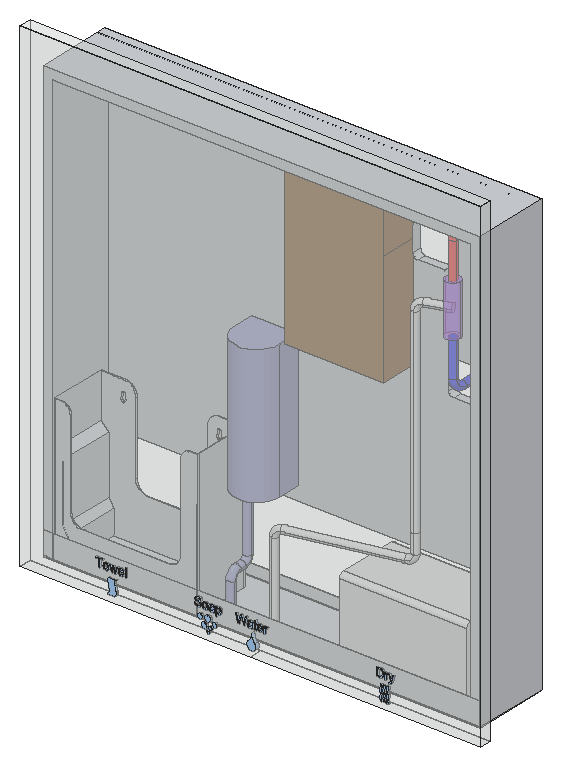
Revit family "SA-1000X950mm", category Generic Models, Revit 2014
Parameters (values of type "ALAVO Single Unit (Supaloo Unit)")
  Width = "950mm"
  URL = "www.dolphinsolutions.co.uk"
  Tel No. = "+44 (0) 1424 202 224"
  Product Page Link = "https://www.dolphinsolutions.co.uk/range/alavo/"
  Model = "SA-1000X950mm"
  Manufacturer = "Dolphin Solutions Ltd."
  Height = "1000mm"
  Fax No. = "+44 (0) 205 200"
  Email = "info@dolphinsolutions.co.uk"
  Description = "Stand alone unit"
  Depth = "189mm Closed      1077mm Open"
  Capacity Paper Towels = "500"
  Address = "Southpoint, Compass Park, Junction Road, Bodiam, TN32 5BS"
Reference planes
  plane 1 "Center (Front/Back)": y = 0
  plane 2: z = 0
  plane 3 "Center (Left/Right)": x = 0
Forms (mm)
  Extrusion 1, solid
    sketch origin (0, 0, 0) x (1, 0, 0) y (0, 0, 1)
      loop
        line (450, 1) -> (450, 907.5) -> (-450, 907.5) -> (-450, 2) -> (-431, 2) -> (-431, 888.5) -> (431, 888.5) -> (431, 1) -> (450, 1)
    from 1 to 159
  Extrusion 2, solid
    sketch origin (0, 0, 0) x (1, 0, 0) y (0, 0, 1)
      loop
        line (0, 187.5) -> (449, 187.5) -> (449, 906.5) -> (-449, 906.5) -> (-449, 187.5) -> (0, 187.5)
      loop
        line (310.5, 879.5) -> (283.5, 879.5)
        arc (283.5, 879.5) -> (276.429, 876.571) -> (273.5, 869.5) r 10
        line (273.5, 869.5) -> (273.5, 815.5)
        arc (273.5, 815.5) -> (276.429, 808.429) -> (283.5, 805.5) r 10
        line (283.5, 805.5) -> (337.5, 805.5)
        arc (337.5, 805.5) -> (344.571, 808.429) -> (347.5, 815.5) r 10
        line (347.5, 815.5) -> (347.5, 869.5)
        arc (347.5, 869.5) -> (344.571, 876.571) -> (337.5, 879.5) r 10
        line (337.5, 879.5) -> (310.5, 879.5)
      loop
        line (310.5, 563.5) -> (283.5, 563.5)
        arc (283.5, 563.5) -> (276.429, 560.571) -> (273.5, 553.5) r 10
        line (273.5, 553.5) -> (273.5, 499.5)
        arc (273.5, 499.5) -> (276.429, 492.429) -> (283.5, 489.5) r 10
        line (283.5, 489.5) -> (337.5, 489.5)
        arc (337.5, 489.5) -> (344.571, 492.429) -> (347.5, 499.5) r 10
        line (347.5, 499.5) -> (347.5, 553.5)
        arc (347.5, 553.5) -> (344.571, 560.571) -> (337.5, 563.5) r 10
        line (337.5, 563.5) -> (310.5, 563.5)
      loop
        line (236.5, 793) -> (209.5, 793)
        arc (209.5, 793) -> (202.429, 790.071) -> (199.5, 783) r 10
        line (199.5, 783) -> (199.5, 729)
        arc (199.5, 729) -> (202.429, 721.929) -> (209.5, 719) r 10
        line (209.5, 719) -> (263.5, 719)
        arc (263.5, 719) -> (270.571, 721.929) -> (273.5, 729) r 10
        line (273.5, 729) -> (273.5, 783)
        arc (273.5, 783) -> (270.571, 790.071) -> (263.5, 793) r 10
        line (263.5, 793) -> (236.5, 793)
    from 0 to 19
  Extrusion 3, solid, material "Power Unit"
    sketch origin (0, 0, 0) x (1, 0, 0) y (0, 0, 1)
      loop
        line (199.5, 756) -> (199.5, 856.5) -> (-5.5, 856.5) -> (-5.5, 521.5) -> (199.5, 521.5) -> (199.5, 756)
    from 19 to 94
  Sweep 4, solid
    path origin (324.996, 0.047, 447.747) x (1, 0, 0) y (0, 0, 1)
      loop
        line (125, -396.25) -> (-774.996, -396.25)
    profile origin (-0.002, 0.047, 51.498) x (0, 0, -1) y (0, -1, 0)
      loop
        line (2, 158) -> (49, 158)
        arc (49, 158) -> (49.707, 157.707) -> (50, 157) r 1
        line (50, 157) -> (50, 3.003)
        arc (50, 3.003) -> (49.706, 2.294) -> (48.997, 2) r 1.003
        line (48.997, 2) -> (26.5, 2) -> (26.5, 0.5) -> (49, 0.5)
        arc (49, 0.5) -> (50.768, 1.232) -> (51.5, 3) r 2.5
        line (51.5, 3) -> (51.5, 156.997)
        arc (51.5, 156.997) -> (50.767, 158.767) -> (48.997, 159.5) r 2.503
        line (48.997, 159.5) -> (2, 159.5) -> (2, 158)
  Extrusion 5, void
    sketch origin (83, 0, 0) x (1, 0, 0) y (0, 1, 0)
      loop
        line (208.61, -130.517) -> (311.967, -130.517)
        arc (311.967, -130.517) -> (322.574, -126.123) -> (326.967, -115.517) r 15
        line (326.967, -115.517) -> (326.967, -99.017)
        arc (326.967, -99.017) -> (323.86, -89.876) -> (315.826, -84.522) r 15
        line (315.826, -84.522) -> (221.762, -59.479)
        arc (221.762, -59.479) -> (194.422, -55.902) -> (167.081, -59.481) r 106.256
        arc (167.081, -59.481) -> (166.658, -59.396) -> (166.467, -59.009) r 0.488
        line (166.467, -59.009) -> (166.467, -57.517)
        arc (166.467, -57.517) -> (165.296, -54.688) -> (162.467, -53.517) r 4
        line (162.467, -53.517) -> (90.467, -53.517)
        arc (90.467, -53.517) -> (87.639, -54.688) -> (86.467, -57.517) r 4
        line (86.467, -57.517) -> (86.467, -80.617) -> (73.085, -84.203)
        arc (73.085, -84.203) -> (65.067, -89.56) -> (61.967, -98.692) r 15
        line (61.967, -98.692) -> (61.967, -115.517)
        arc (61.967, -115.517) -> (66.361, -126.123) -> (76.967, -130.517) r 15
        line (76.967, -130.517) -> (180.325, -130.517)
        arc (180.325, -130.517) -> (194.467, -140.517) -> (208.61, -130.517) r 15
    from 0 to 5
  Extrusion 6, void
    sketch origin (-481, 0, 0) x (1, 0, 0) y (0, 1, 0)
      loop
        line (208.61, -130.517) -> (311.967, -130.517)
        arc (311.967, -130.517) -> (322.574, -126.123) -> (326.967, -115.517) r 15
        line (326.967, -115.517) -> (326.967, -99.017)
        arc (326.967, -99.017) -> (323.86, -89.876) -> (315.826, -84.522) r 15
        line (315.826, -84.522) -> (221.762, -59.479)
        arc (221.762, -59.479) -> (194.422, -55.902) -> (167.081, -59.481) r 106.256
        arc (167.081, -59.481) -> (166.658, -59.396) -> (166.467, -59.009) r 0.488
        line (166.467, -59.009) -> (166.467, -57.517)
        arc (166.467, -57.517) -> (165.296, -54.688) -> (162.467, -53.517) r 4
        line (162.467, -53.517) -> (90.467, -53.517)
        arc (90.467, -53.517) -> (87.639, -54.688) -> (86.467, -57.517) r 4
        line (86.467, -57.517) -> (86.467, -80.617) -> (73.085, -84.203)
        arc (73.085, -84.203) -> (65.067, -89.56) -> (61.967, -98.692) r 15
        line (61.967, -98.692) -> (61.967, -115.517)
        arc (61.967, -115.517) -> (66.361, -126.123) -> (76.967, -130.517) r 15
        line (76.967, -130.517) -> (180.325, -130.517)
        arc (180.325, -130.517) -> (194.467, -140.517) -> (208.61, -130.517) r 15
    from 0 to 5
  Extrusion 7, void
    sketch origin (0, 0, 0) x (1, 0, 0) y (0, 1, 0)
      loop
        circle (0, -127) r 15
      loop
        circle (-85, -128) r 15
    from 0 to 5
  Sweep 8, solid, material "Hot Water"
    path origin (794.701, 0.048, 451.828) x (0, 1, 0) y (0, 0, 1)
      loop
        line (-0.048, 381.406) -> (-28, 381.406)
        arc (-28, 381.406) -> (-45.678, 374.084) -> (-53, 356.406) r 25
        line (-53, 356.406) -> (-53, 281.406)
    profile origin (794.701, -52.952, 770.734) x (1, 0, 0) y (0, 1, 0)
      loop
        circle (-485, 0) r 7.5
  Sweep 9, solid, material "Cold Water"
    path origin (794.701, 0.048, 451.828) x (0, 1, 0) y (0, 0, 1)
      loop
        line (-0.048, 75.75) -> (-28, 75.75)
        arc (-28, 75.75) -> (-45.678, 83.072) -> (-53, 100.75) r 25
        line (-53, 100.75) -> (-53, 175.75)
    profile origin (794.701, -52.952, 590.078) x (0, -1, 0) y (1, 0, 0)
      loop
        circle (0, -485) r 7.5
  Sweep 10, solid, material "TMV3"
    path origin (309.701, 0.048, 451.828) x (0, 1, 0) y (0, 0, 1)
      loop
        line (-53, 281.406) -> (-53, 175.75)
    profile origin (309.701, -52.952, 680.406) x (1, 0, 0) y (0, 1, 0)
      loop
        circle (0, 0) r 15
  Sweep 11, solid, material "White Plastic"
    path origin (632.996, 114.392, 451.828) x (0.945519, 0.325568, 0) y (0, 0, 1)
      loop
        line (-360, 228.578) -> (-410, 228.578)
        arc (-410, 228.578) -> (-420.607, 224.185) -> (-425, 213.578) r 15
        line (-425, 213.578) -> (-425, -196.422)
    profile origin (268.971, -10.952, 680.406) x (0, 0, -1) y (0.325568, -0.945519, 0)
      loop
        circle (0, 52.5) r 7.5
  Sweep 12, solid, material "White Plastic"
    path origin (319.876, -56.76, 541.828) x (0.97437, 0.224951, 0) y (0, 0, 1)
      loop
        line (-73.458, -286.422) -> (-73.458, -326.422)
        arc (-73.458, -326.422) -> (-77.851, -337.029) -> (-88.458, -341.422) r 15
        line (-88.458, -341.422) -> (-310.987, -341.422)
        arc (-310.987, -341.422) -> (-321.594, -345.815) -> (-325.987, -356.422) r 15
        line (-325.987, -356.422) -> (-325.987, -540.33)
    profile origin (125.273, -101.688, 200.406) x (0, 0, -1) y (0.224951, -0.97437, 0)
      loop
        circle (0, 0) r 7.5
  Extrusion 13, solid, material "Soap Unit"
    sketch origin (-4.454, 0, 0) x (1, 0, 0) y (0, 1, 0)
      loop
        arc (-127.546, -65.777) -> (-80.546, -112.777) -> (-33.546, -65.777) r 47
        line (-33.546, -65.777) -> (-33.546, -19) -> (-127.546, -19) -> (-127.546, -65.777)
    from 214.5 to 496.5
  Sweep 14, solid, material "Soap Unit"
    path origin (0, 0, 0) x (0, 1, 0) y (0, 0, 1)
      loop
        line (-89.277, 214.5) -> (-89.277, 104.5)
        arc (-89.277, 104.5) -> (-93.67, 93.893) -> (-104.277, 89.5) r 15
        line (-104.277, 89.5) -> (-117.277, 89.5)
        arc (-117.277, 89.5) -> (-127.883, 85.107) -> (-132.277, 74.5) r 15
        line (-132.277, 74.5) -> (-132.277, -0.002)
    profile origin (0, -89.277, 159.5) x (1, 0, 0) y (0, 1, 0)
      loop
        circle (-85, 0) r 7.994
  Extrusion 15, solid, material "Glass"
    sketch origin (14.996, 0, 0) x (1, 0, 0) y (0, 0, 1)
      loop
        line (-15, -15.002) -> (460, -15.002) -> (460, 984.998) -> (-490, 984.998) -> (-490, -15.002) -> (-15, -15.002)
    from 162 to 189
  Extrusion 16, solid, material "Etch"
    sketch origin (-692.973, 37.5, 398.67) x (1, 0, 0) y (0, 0, 1)
      loop
        arc (695.737, -368.148) -> (693.7, -376.959) -> (688.64, -384.453) r 24.79
        arc (688.64, -384.453) -> (687.099, -394.346) -> (695.667, -399.524) r 8.986
        arc (695.667, -399.524) -> (704.438, -394.207) -> (702.521, -384.131) r 8.992
        arc (702.521, -384.131) -> (697.688, -376.751) -> (695.737, -368.148) r 24.863
    from 220 to 226.5
  Extrusion 17, solid, material "Etch"
    sketch origin (-692.973, 37.5, 398.67) x (1, 0, 0) y (0, 0, 1)
      loop
        line (663.85, -340.954) -> (668.482, -358.447) -> (670.848, -358.447) -> (675.079, -343.086) -> (679.146, -358.447) -> (681.543, -358.447) -> (686.362, -340.954) -> (684.009, -340.954) -> (680.41, -356.015) -> (676.545, -340.954) -> (673.746, -340.954) -> (669.615, -355.95) -> (666.216, -340.954) -> (663.85, -340.954)
      loop
        line (687.874, -349.417) -> (689.974, -349.675)
        arc (689.974, -349.675) -> (690.511, -348.446) -> (691.514, -347.555) r 3.129
        arc (691.514, -347.555) -> (692.914, -347.143) -> (694.355, -347.377) r 3.288
        arc (694.355, -347.377) -> (695.907, -348.514) -> (696.296, -350.398) r 2.677
        arc (696.296, -350.398) -> (693.47, -351.213) -> (690.54, -351.483) r 15.586
        arc (690.54, -351.483) -> (688.97, -352.167) -> (687.881, -353.487) r 3.677
        arc (687.881, -353.487) -> (687.511, -354.911) -> (687.73, -356.366) r 3.677
        arc (687.73, -356.366) -> (688.622, -357.712) -> (690.027, -358.508) r 3.468
        arc (690.027, -358.508) -> (693.027, -358.648) -> (695.769, -357.422) r 6.484
        line (695.769, -357.422) -> (696.495, -356.914) -> (696.935, -358.449) -> (699.184, -358.449) -> (698.592, -356.824) -> (698.471, -349.866) -> (698.373, -348.301)
        arc (698.373, -348.301) -> (698.077, -347.496) -> (697.625, -346.768) r 4.213
        arc (697.625, -346.768) -> (696.564, -346.04) -> (695.338, -345.652) r 4.382
        arc (695.338, -345.652) -> (693.795, -345.457) -> (692.244, -345.578) r 7.652
        arc (692.244, -345.578) -> (691.107, -345.801) -> (690.04, -346.252) r 5.613
        arc (690.04, -346.252) -> (689.118, -346.887) -> (688.439, -347.777) r 3.547
        line (688.439, -347.777) -> (687.874, -349.417)
      loop
        arc (696.304, -352.083) -> (693.778, -352.921) -> (691.14, -353.275) r 14.283
        arc (691.14, -353.275) -> (690.037, -353.853) -> (689.785, -355.073) r 1.455
        arc (689.785, -355.073) -> (690.556, -356.391) -> (691.924, -357.068) r 2.663
        arc (691.924, -357.068) -> (694.142, -356.79) -> (695.833, -355.327) r 3.857
        arc (695.833, -355.327) -> (696.414, -353.755) -> (696.304, -352.083) r 4.022
      loop
        line (704.334, -341.354) -> (702.202, -342.635) -> (702.202, -345.785) -> (700.636, -345.785) -> (700.636, -347.451) -> (702.202, -347.451) -> (702.202, -355.624)
        arc (702.202, -355.624) -> (702.534, -357.12) -> (703.467, -358.336) r 3.541
        arc (703.467, -358.336) -> (705.123, -358.698) -> (706.8, -358.449) r 4.701
        line (706.8, -358.449) -> (706.5, -356.548) -> (705.537, -356.617)
        arc (705.537, -356.617) -> (704.901, -356.523) -> (704.468, -356.048) r 0.958
        line (704.468, -356.048) -> (704.334, -354.882) -> (704.334, -347.451) -> (706.5, -347.451) -> (706.5, -345.785) -> (704.334, -345.785) -> (704.334, -341.354)
      loop
        line (724.093, -345.785) -> (722.161, -345.785) -> (722.161, -358.449) -> (724.327, -358.449) -> (724.327, -351.816)
        arc (724.327, -351.816) -> (724.411, -350.551) -> (724.661, -349.308) r 9.559
        arc (724.661, -349.308) -> (725.449, -348.171) -> (726.759, -347.728) r 2.202
        line (726.759, -347.728) -> (728.325, -348.184) -> (729.058, -346.185) -> (728.35, -345.83) -> (726.855, -345.485)
        arc (726.855, -345.485) -> (725.917, -345.678) -> (725.126, -346.219) r 2.436
        line (725.126, -346.219) -> (724.093, -347.718) -> (724.093, -345.785)
      loop
        line (710.099, -352.683) -> (719.562, -352.683) -> (719.562, -351.65)
        arc (719.562, -351.65) -> (717.964, -347.31) -> (713.719, -345.475) r 5.869
        arc (713.719, -345.475) -> (709.947, -346.878) -> (708.033, -350.417) r 5.722
        arc (708.033, -350.417) -> (708.012, -353.843) -> (709.424, -356.964) r 8.006
        arc (709.424, -356.964) -> (711.432, -358.296) -> (713.801, -358.732) r 6.006
        arc (713.801, -358.732) -> (717.437, -357.741) -> (719.613, -354.663) r 5.577
        line (719.613, -354.663) -> (717.296, -354.386)
        arc (717.296, -354.386) -> (716.064, -356.268) -> (713.931, -356.981) r 3.429
        arc (713.931, -356.981) -> (711.769, -356.26) -> (710.432, -354.415) r 3.727
        line (710.432, -354.415) -> (710.099, -352.683)
      loop
        line (710.232, -350.917) -> (717.296, -350.917)
        arc (717.296, -350.917) -> (713.764, -347.385) -> (710.232, -350.917) r 3.532
    from 225 to 227
  Extrusion 18, solid, material "Etch"
    sketch origin (-916.723, 37.5, 398.67) x (1, 0, 0) y (0, 0, 1)
      loop
        circle (814.088, -373.162) r 5.176
      loop
        circle (829.615, -372.423) r 6.162
      loop
        circle (843.888, -379.771) r 4.48
      loop
        circle (835.545, -388.263) r 3.399
      loop
        circle (822.568, -386.873) r 5.562
      loop
        circle (830.911, -396.6) r 2.935
      loop
        line (848.398, -345.622) -> (848.398, -343.97) -> (846.453, -343.97) -> (846.453, -361.512) -> (848.586, -361.512) -> (848.586, -355.344)
        arc (848.586, -355.344) -> (850.21, -356.572) -> (852.216, -356.92) r 4.321
        arc (852.216, -356.92) -> (854.357, -356.31) -> (856.059, -354.876) r 5.306
        arc (856.059, -354.876) -> (857.451, -350.249) -> (856.059, -345.622) r 8.388
        arc (856.059, -345.622) -> (852.229, -343.744) -> (848.398, -345.622) r 4.847
      loop
        arc (850.635, -345.664) -> (849.55, -346.481) -> (848.845, -347.643) r 3.6
        arc (848.845, -347.643) -> (848.457, -349.781) -> (848.543, -351.953) r 9.959
        arc (848.543, -351.953) -> (849.063, -353.683) -> (850.432, -354.861) r 3.221
        arc (850.432, -354.861) -> (851.764, -355.149) -> (853.097, -354.861) r 3.221
        arc (853.097, -354.861) -> (854.158, -354.084) -> (854.82, -352.947) r 3.221
        arc (854.82, -352.947) -> (855.25, -350.781) -> (855.126, -348.576) r 8.788
        arc (855.126, -348.576) -> (854.532, -346.858) -> (853.161, -345.664) r 3.525
        arc (853.161, -345.664) -> (851.898, -345.371) -> (850.635, -345.664) r 2.87
      loop
        line (841.561, -356.661) -> (843.798, -356.661) -> (843.219, -354.981) -> (843.108, -353.65) -> (843.108, -347.699)
        arc (843.108, -347.699) -> (842.904, -346.133) -> (842.101, -344.774) r 3.933
        arc (842.101, -344.774) -> (839.442, -343.756) -> (836.595, -343.803) r 7.496
        arc (836.595, -343.803) -> (834.451, -344.587) -> (832.922, -346.281) r 4.744
        line (832.922, -346.281) -> (832.486, -347.587) -> (834.616, -347.886) -> (834.928, -346.95)
        arc (834.928, -346.95) -> (835.488, -346.1) -> (836.396, -345.643) r 1.973
        arc (836.396, -345.643) -> (837.829, -345.452) -> (839.261, -345.643) r 5.475
        arc (839.261, -345.643) -> (840.089, -345.964) -> (840.683, -346.625) r 1.91
        arc (840.683, -346.625) -> (840.943, -347.602) -> (840.927, -348.614) r 3.68
        arc (840.927, -348.614) -> (838.659, -349.132) -> (836.354, -349.444) r 25.721
        arc (836.354, -349.444) -> (834.92, -349.712) -> (833.625, -350.384) r 4.99
        arc (833.625, -350.384) -> (832.524, -351.669) -> (832.131, -353.316) r 3.601
        arc (832.131, -353.316) -> (832.555, -354.998) -> (833.716, -356.287) r 3.601
        arc (833.716, -356.287) -> (835.093, -356.795) -> (836.553, -356.942) r 5.81
        arc (836.553, -356.942) -> (838.286, -356.675) -> (839.897, -355.983) r 6.951
        line (839.897, -355.983) -> (841.113, -355.1) -> (841.561, -356.661)
      loop
        arc (835.91, -351.403) -> (834.773, -352.015) -> (834.41, -353.254) r 1.673
        arc (834.41, -353.254) -> (834.556, -353.9) -> (834.839, -354.498) r 3.014
        arc (834.839, -354.498) -> (836.508, -355.281) -> (838.338, -355.055) r 3.325
        arc (838.338, -355.055) -> (839.615, -354.355) -> (840.589, -353.273) r 4.353
        arc (840.589, -353.273) -> (840.903, -351.781) -> (840.934, -350.256) r 8.148
        arc (840.934, -350.256) -> (838.458, -350.989) -> (835.91, -351.403) r 20.404
      loop
        arc (823.009, -345.737) -> (821.874, -346.485) -> (821.126, -347.62) r 3.374
        arc (821.126, -347.62) -> (820.622, -349.823) -> (820.815, -352.075) r 7.317
        arc (820.815, -352.075) -> (821.542, -353.643) -> (822.809, -354.82) r 4.484
        arc (822.809, -354.82) -> (824.27, -355.155) -> (825.751, -354.923) r 3.953
        arc (825.751, -354.923) -> (826.921, -354.179) -> (827.664, -353.009) r 3.185
        arc (827.664, -353.009) -> (828.122, -350.841) -> (827.97, -348.631) r 8.032
        arc (827.97, -348.631) -> (827.297, -346.885) -> (825.845, -345.705) r 3.637
        arc (825.845, -345.705) -> (824.423, -345.409) -> (823.009, -345.737) r 3.377
      loop
        arc (822.287, -344.088) -> (819.802, -345.886) -> (818.64, -348.724) r 5.591
        arc (818.64, -348.724) -> (818.565, -351.424) -> (819.291, -354.026) r 9.039
        arc (819.291, -354.026) -> (819.823, -354.92) -> (820.544, -355.671) r 4.561
        arc (820.544, -355.671) -> (822.357, -356.607) -> (824.367, -356.957) r 6.742
        arc (824.367, -356.957) -> (825.76, -356.827) -> (827.092, -356.397) r 6.425
        arc (827.092, -356.397) -> (828.564, -355.454) -> (829.573, -354.026) r 4.561
        arc (829.573, -354.026) -> (830.299, -351.424) -> (830.224, -348.724) r 9.039
        arc (830.224, -348.724) -> (828.98, -345.943) -> (826.582, -344.063) r 6.338
        arc (826.582, -344.063) -> (824.432, -343.609) -> (822.287, -344.088) r 5.177
      loop
        line (813.627, -344.242) -> (815.843, -344.074)
        arc (815.843, -344.074) -> (815.554, -342.602) -> (814.923, -341.241) r 6.274
        arc (814.923, -341.241) -> (813.959, -340.166) -> (812.683, -339.491) r 4.103
        arc (812.683, -339.491) -> (810.073, -338.88) -> (807.397, -339.048) r 9.198
        arc (807.397, -339.048) -> (806.011, -339.511) -> (804.765, -340.275) r 6.439
        arc (804.765, -340.275) -> (803.54, -341.803) -> (803.126, -343.716) r 4.273
        arc (803.126, -343.716) -> (803.941, -346.152) -> (806.006, -347.68) r 4.273
        arc (806.006, -347.68) -> (809.041, -348.637) -> (812.123, -349.434) r 60.587
        arc (812.123, -349.434) -> (813.679, -350.297) -> (814.181, -352.003) r 2.345
        arc (814.181, -352.003) -> (813.554, -353.523) -> (812.198, -354.453) r 2.885
        arc (812.198, -354.453) -> (810.315, -354.822) -> (808.398, -354.74) r 8.122
        arc (808.398, -354.74) -> (806.389, -353.902) -> (804.971, -352.25) r 4.706
        line (804.971, -352.25) -> (804.636, -350.849) -> (802.447, -351.04)
        arc (802.447, -351.04) -> (803.091, -353.481) -> (804.628, -355.484) r 6.411
        arc (804.628, -355.484) -> (806.439, -356.38) -> (808.4, -356.872) r 9.485
        arc (808.4, -356.872) -> (810.871, -356.892) -> (813.263, -356.274) r 9.485
        arc (813.263, -356.274) -> (815.099, -354.99) -> (816.185, -353.03) r 4.975
        arc (816.185, -353.03) -> (816.439, -351.04) -> (815.646, -349.198) r 3.806
        arc (815.646, -349.198) -> (814.625, -348.187) -> (813.397, -347.441) r 6.137
        arc (813.397, -347.441) -> (810.851, -346.507) -> (808.191, -345.977) r 17.573
        arc (808.191, -345.977) -> (806.896, -345.602) -> (805.788, -344.833) r 4.17
        arc (805.788, -344.833) -> (805.421, -343.823) -> (805.496, -342.751) r 2.591
        arc (805.496, -342.751) -> (805.924, -341.978) -> (806.647, -341.472) r 1.959
        arc (806.647, -341.472) -> (807.964, -341.07) -> (809.331, -340.901) r 7.944
        arc (809.331, -340.901) -> (810.348, -340.954) -> (811.341, -341.184) r 5.813
        arc (811.341, -341.184) -> (812.477, -341.827) -> (813.272, -342.862) r 3.281
        line (813.272, -342.862) -> (813.627, -344.242)
    from 225 to 227
  Extrusion 19, solid, material "Etch"
    sketch origin (-762.973, 37.5, 398.67) x (1, 0, 0) y (0, 0, 1)
      loop
        arc (1031.615, -367.649) -> (1032.32, -369.725) -> (1032.138, -371.91) r 5.384
        arc (1032.138, -371.91) -> (1031.411, -374.577) -> (1030.801, -377.273) r 63.485
        arc (1030.801, -377.273) -> (1030.727, -379.697) -> (1031.466, -382.006) r 7.157
        arc (1031.466, -382.006) -> (1032.517, -386.301) -> (1031.466, -390.595) r 9.3
        arc (1031.466, -390.595) -> (1030.919, -392.977) -> (1031.038, -395.418) r 8.921
        arc (1031.038, -395.418) -> (1031.377, -397.235) -> (1031.789, -399.037) r 45.597
        line (1031.789, -399.037) -> (1035.319, -399.037)
        arc (1035.319, -399.037) -> (1034.907, -397.235) -> (1034.568, -395.418) r 45.597
        arc (1034.568, -395.418) -> (1034.449, -392.977) -> (1034.996, -390.595) r 8.921
        arc (1034.996, -390.595) -> (1036.047, -386.301) -> (1034.996, -382.006) r 9.3
        arc (1034.996, -382.006) -> (1034.257, -379.697) -> (1034.331, -377.273) r 7.157
        arc (1034.331, -377.273) -> (1034.941, -374.577) -> (1035.668, -371.91) r 63.485
        arc (1035.668, -371.91) -> (1035.85, -369.725) -> (1035.145, -367.649) r 5.384
        line (1035.145, -367.649) -> (1031.615, -367.649)
      loop
        arc (1038.471, -367.649) -> (1039.176, -369.725) -> (1038.995, -371.91) r 5.384
        arc (1038.995, -371.91) -> (1038.268, -374.577) -> (1037.657, -377.273) r 63.485
        arc (1037.657, -377.273) -> (1037.583, -379.697) -> (1038.322, -382.006) r 7.157
        arc (1038.322, -382.006) -> (1039.374, -386.301) -> (1038.322, -390.595) r 9.3
        arc (1038.322, -390.595) -> (1037.775, -392.977) -> (1037.894, -395.418) r 8.921
        arc (1037.894, -395.418) -> (1038.233, -397.235) -> (1038.646, -399.037) r 45.597
        line (1038.646, -399.037) -> (1042.176, -399.037)
        arc (1042.176, -399.037) -> (1041.763, -397.235) -> (1041.424, -395.418) r 45.597
        arc (1041.424, -395.418) -> (1041.305, -392.977) -> (1041.853, -390.595) r 8.921
        arc (1041.853, -390.595) -> (1042.904, -386.301) -> (1041.853, -382.006) r 9.3
        arc (1041.853, -382.006) -> (1041.113, -379.697) -> (1041.187, -377.273) r 7.157
        arc (1041.187, -377.273) -> (1041.798, -374.577) -> (1042.525, -371.91) r 63.485
        arc (1042.525, -371.91) -> (1042.706, -369.725) -> (1042.002, -367.649) r 5.384
        line (1042.002, -367.649) -> (1038.471, -367.649)
      loop
        arc (1044.93, -367.649) -> (1045.635, -369.725) -> (1045.453, -371.91) r 5.384
        arc (1045.453, -371.91) -> (1044.726, -374.577) -> (1044.116, -377.273) r 63.485
        arc (1044.116, -377.273) -> (1044.042, -379.697) -> (1044.781, -382.006) r 7.157
        arc (1044.781, -382.006) -> (1045.832, -386.301) -> (1044.781, -390.595) r 9.3
        arc (1044.781, -390.595) -> (1044.234, -392.977) -> (1044.353, -395.418) r 8.921
        arc (1044.353, -395.418) -> (1044.692, -397.235) -> (1045.104, -399.037) r 45.597
        line (1045.104, -399.037) -> (1048.635, -399.037)
        arc (1048.635, -399.037) -> (1048.222, -397.235) -> (1047.883, -395.418) r 45.597
        arc (1047.883, -395.418) -> (1047.764, -392.977) -> (1048.311, -390.595) r 8.921
        arc (1048.311, -390.595) -> (1049.363, -386.301) -> (1048.311, -382.006) r 9.3
        arc (1048.311, -382.006) -> (1047.572, -379.697) -> (1047.646, -377.273) r 7.157
        arc (1047.646, -377.273) -> (1048.257, -374.577) -> (1048.984, -371.91) r 63.485
        arc (1048.984, -371.91) -> (1049.165, -369.725) -> (1048.46, -367.649) r 5.384
        line (1048.46, -367.649) -> (1044.93, -367.649)
      loop
        line (1030.562, -338.75) -> (1024.536, -338.75) -> (1024.536, -356.264) -> (1030.834, -356.264)
        arc (1030.834, -356.264) -> (1032.255, -356.185) -> (1033.659, -355.95) r 12.869
        arc (1033.659, -355.95) -> (1034.751, -355.621) -> (1035.751, -355.071) r 5.434
        arc (1035.751, -355.071) -> (1037.07, -353.856) -> (1038.011, -352.33) r 6.58
        arc (1038.011, -352.33) -> (1038.781, -349.89) -> (1038.996, -347.34) r 11.592
        arc (1038.996, -347.34) -> (1038.857, -345.259) -> (1038.304, -343.249) r 10.35
        arc (1038.304, -343.249) -> (1037.413, -341.58) -> (1036.149, -340.173) r 7.845
        arc (1036.149, -340.173) -> (1034.986, -339.413) -> (1033.659, -339.001) r 5.013
        arc (1033.659, -339.001) -> (1032.115, -338.813) -> (1030.562, -338.75) r 19.223
      loop
        line (1030.876, -340.822) -> (1026.837, -340.822) -> (1026.837, -354.192) -> (1030.583, -354.192)
        arc (1030.583, -354.192) -> (1031.954, -354.132) -> (1033.303, -353.879) r 9.698
        arc (1033.303, -353.879) -> (1034.691, -353.165) -> (1035.647, -351.933) r 3.603
        arc (1035.647, -351.933) -> (1036.395, -349.708) -> (1036.609, -347.371) r 10.078
        arc (1036.609, -347.371) -> (1036.534, -345.883) -> (1036.253, -344.421) r 10.668
        arc (1036.253, -344.421) -> (1035.266, -342.528) -> (1033.562, -341.241) r 4.862
        arc (1033.562, -341.241) -> (1032.235, -340.927) -> (1030.876, -340.822) r 8.807
      loop
        line (1043.807, -345.509) -> (1043.807, -343.584) -> (1041.882, -343.584) -> (1041.882, -356.264) -> (1044.016, -356.264) -> (1044.016, -349.207)
        arc (1044.016, -349.207) -> (1043.978, -348.62) -> (1044.066, -348.037) r 2.755
        arc (1044.066, -348.037) -> (1044.504, -346.917) -> (1045.188, -345.927) r 5.2
        arc (1045.188, -345.927) -> (1045.891, -345.494) -> (1046.716, -345.53) r 1.407
        line (1046.716, -345.53) -> (1048.013, -345.99) -> (1048.766, -343.981) -> (1047.846, -343.542)
        arc (1047.846, -343.542) -> (1046.861, -343.287) -> (1045.851, -343.414) r 2.705
        arc (1045.851, -343.414) -> (1045.131, -343.745) -> (1044.582, -344.318) r 2.126
        line (1044.582, -344.318) -> (1043.807, -345.509)
      loop
        line (1048.829, -343.584) -> (1053.64, -356.337)
        arc (1053.64, -356.337) -> (1053.235, -357.919) -> (1052.072, -359.068) r 3.061
        arc (1052.072, -359.068) -> (1050.896, -359.32) -> (1049.708, -359.131) r 3.27
        line (1049.708, -359.131) -> (1049.938, -361.139)
        arc (1049.938, -361.139) -> (1051.716, -361.386) -> (1053.392, -360.744) r 3.599
        arc (1053.392, -360.744) -> (1054.37, -359.321) -> (1055.105, -357.76) r 10.641
        line (1055.105, -357.76) -> (1060.421, -343.584) -> (1058.287, -343.584) -> (1054.69, -353.72) -> (1051.201, -343.584) -> (1048.829, -343.584)
    from 225 to 227
  Extrusion 20, solid, material "Etch"
    sketch origin (0, 0, 0) x (1, 0, 0) y (0, 0, 1)
      loop
        line (-318.164, 60.291) -> (-318.164, 58.225) -> (-312.402, 58.225) -> (-312.402, 42.792) -> (-310.089, 42.792) -> (-310.089, 58.225) -> (-304.305, 58.225) -> (-304.305, 60.291) -> (-318.164, 60.291)
      loop
        line (-257.425, 60.291) -> (-257.425, 42.792) -> (-255.275, 42.792) -> (-255.275, 60.291) -> (-257.425, 60.291)
      loop
        line (-290.149, 55.47) -> (-286.274, 42.792) -> (-284.029, 42.792) -> (-281.464, 52.541) -> (-278.956, 42.792) -> (-276.727, 42.792) -> (-272.768, 55.47) -> (-274.767, 55.47) -> (-277.791, 45.785) -> (-280.282, 55.47) -> (-282.441, 55.47) -> (-285.165, 45.437) -> (-287.931, 55.47) -> (-290.149, 55.47)
    from 187.5 to 189.5
  Extrusion 21, solid, material "Etch"
    sketch origin (0, 0, 0) x (1, 0, 0) y (0, 0, 1)
      loop
        line (-275.038, 30.888) -> (-289.601, 30.888)
        arc (-289.601, 30.888) -> (-292.957, 28.844) -> (-294.272, 25.141) r 5.872
        line (-294.272, 25.141) -> (-289.926, 6.545)
        arc (-289.926, 6.545) -> (-291.068, 2.456) -> (-294.43, -0.138) r 6.735
        line (-294.43, -0.138) -> (-279.867, -0.138)
        arc (-279.867, -0.138) -> (-276.505, 2.456) -> (-275.364, 6.545) r 6.735
        line (-275.364, 6.545) -> (-279.709, 25.141)
        arc (-279.709, 25.141) -> (-278.394, 28.844) -> (-275.038, 30.888) r 5.872
    from 187.5 to 189.5
  Extrusion 22, solid, material "Etch"
    sketch origin (-1121.457, 37.5, 399.435) x (1, 0, 0) y (0, 0, 1)
      loop
        arc (823.009, -345.737) -> (821.874, -346.485) -> (821.126, -347.62) r 3.374
        arc (821.126, -347.62) -> (820.622, -349.823) -> (820.815, -352.075) r 7.317
        arc (820.815, -352.075) -> (821.542, -353.643) -> (822.809, -354.82) r 4.484
        arc (822.809, -354.82) -> (824.27, -355.155) -> (825.751, -354.923) r 3.953
        arc (825.751, -354.923) -> (826.921, -354.179) -> (827.664, -353.009) r 3.185
        arc (827.664, -353.009) -> (828.122, -350.841) -> (827.97, -348.631) r 8.032
        arc (827.97, -348.631) -> (827.297, -346.885) -> (825.845, -345.705) r 3.637
        arc (825.845, -345.705) -> (824.423, -345.409) -> (823.009, -345.737) r 3.377
      loop
        arc (822.287, -344.088) -> (819.802, -345.886) -> (818.64, -348.724) r 5.591
        arc (818.64, -348.724) -> (818.565, -351.424) -> (819.291, -354.026) r 9.039
        arc (819.291, -354.026) -> (819.823, -354.92) -> (820.544, -355.671) r 4.561
        arc (820.544, -355.671) -> (822.357, -356.607) -> (824.367, -356.957) r 6.742
        arc (824.367, -356.957) -> (825.76, -356.827) -> (827.092, -356.397) r 6.425
        arc (827.092, -356.397) -> (828.564, -355.454) -> (829.573, -354.026) r 4.561
        arc (829.573, -354.026) -> (830.299, -351.424) -> (830.224, -348.724) r 9.039
        arc (830.224, -348.724) -> (828.98, -345.943) -> (826.582, -344.063) r 6.338
        arc (826.582, -344.063) -> (824.432, -343.609) -> (822.287, -344.088) r 5.177
    from 225 to 227
  Extrusion 23, solid, material "Etch"
    sketch origin (-979.57, 37.5, 401.248) x (1, 0, 0) y (0, 0, 1)
      loop
        line (710.099, -352.683) -> (719.562, -352.683) -> (719.562, -351.65)
        arc (719.562, -351.65) -> (717.964, -347.31) -> (713.719, -345.475) r 5.869
        arc (713.719, -345.475) -> (709.947, -346.878) -> (708.033, -350.417) r 5.722
        arc (708.033, -350.417) -> (708.012, -353.843) -> (709.424, -356.964) r 8.006
        arc (709.424, -356.964) -> (711.432, -358.296) -> (713.801, -358.732) r 6.006
        arc (713.801, -358.732) -> (717.437, -357.741) -> (719.613, -354.663) r 5.577
        line (719.613, -354.663) -> (717.296, -354.386)
        arc (717.296, -354.386) -> (716.064, -356.268) -> (713.931, -356.981) r 3.429
        arc (713.931, -356.981) -> (711.769, -356.26) -> (710.432, -354.415) r 3.727
        line (710.432, -354.415) -> (710.099, -352.683)
      loop
        line (710.232, -350.917) -> (717.296, -350.917)
        arc (717.296, -350.917) -> (713.764, -347.385) -> (710.232, -350.917) r 3.532
    from 225 to 227
Cuts and joins
  Extrusion 5, Extrusion 6, Extrusion 7 cuts Sweep 4
Lines and regions (mm)
  reference lines
    curve 1: line (-85, 0, -0.002) -> (-85, 0, 29.998)
  model lines, style "0"
    curve 2: line (285.856, 0, 55.086) -> (290.648, 0, 42.385)
    curve 3: line (-312.402, 0, 42.792) -> (-310.089, 0, 42.792)
    curve 4: line (-269.464, 0, 48.582) -> (-260.012, 0, 48.582)
Dimensions and locks
  aligned and locked: level to plane 2
Nested families
  nested 1: "Hand Dryer" at (277.25, -1.863, -739.92), type "Hand Dryer"
  nested 2: "DP3502" at (-282, -36.953, -1.505), type "DP 3502 Dolphin Prestige Paper Towel Dispenser for Mounting Behind a Hinged Mirror"
Definition of nested family "Hand Dryer"
  Reference planes
    plane 1 "Center (Front/Back)": y = 0
    plane 2: z = 0
    plane 3 "Center (Left/Right)": x = 0
  Forms (mm)
    Extrusion 1, solid, material "Stainless Steel"
      sketch origin (0, 0, 0) x (0, 1, 0) y (0, 0, 1)
        loop
          arc (0, 905) -> (-1.464, 908.536) -> (-5, 910) r 5
          line (-5, 910) -> (-129, 910)
          arc (-129, 910) -> (-136.071, 907.071) -> (-139, 900) r 10
          line (-139, 900) -> (-139, 772.484)
          arc (-139, 772.484) -> (-137.434, 767.111) -> (-133.226, 763.421) r 10
          line (-133.226, 763.421) -> (-83, 740) -> (-5, 740)
          arc (-5, 740) -> (-1.464, 741.464) -> (0, 745) r 5
          line (0, 745) -> (0, 905)
      from 131.5 to -131.5
    Revolve 2, solid, material "Stainless Steel"
      sketch origin (0, -11.997, 0) x (0, 1, 0) y (0, 0, 1)
        loop
          line (-102.239, 763.453) -> (-117.239, 763.453) -> (-117.239, 742.995)
          arc (-117.239, 742.995) -> (-116.361, 740.877) -> (-114.243, 740) r 2.995
          line (-114.243, 740) -> (-102.239, 740) -> (-102.239, 763.453)
        axis (-102.239, 763.453) -> (-102.239, 740)
      angle from 0 to 360
  Dimensions and locks
    aligned and locked: level to plane 2
Definition of nested family "DP3502"
  Parameters (values of type "DP 3502 Dolphin Prestige Paper Towel Dispenser for Mounting Behind a Hinged Mirror")
    Width = "298mm"
    URL = "www.dolphindispensers.co.uk"
    Tel No. = "+44 (0) 1424 202224"
    Projection = "121mm"
    Product Page Link = "http://www.dolphindispensers.co.uk/products/dp3502-dolphin-prestige-paper-towel-dispenser-for-mounting-behind-mirror/215939.htm"
    Product Data = "Superiour quality and timless design for prestigious washrooms. Full metal housing in robust, easy-to-clean stainless steel AISI 304. Holds approx 500 paper towels. For mounting in a cabinet on site, refillable from the top. Designed to be fitted behind a hinged mirror."
    Model = "DP 3502"
    Manufacturer = "Bell-Chem Products Co. Ltd."
    Height = "298mm"
    Fax No. = "+44 (0) 1424 205200"
    Email = "info@dolphindispenser.co.uk"
    Description = "Paper towel dispenser for mounting behind a hinged mirror"
    Capacity Paper Towels = "500"
    Assembly Code = "D2090900"
    Address = "Southpoint, Compass Park, Bodiam, Robertsbridge, TN32 5BS"
  Reference planes
    plane 1 "Center (Front/Back)": y = 0
    plane 2: z = 0
    plane 3 "Center (Left/Right)": x = 0
  Forms (mm)
    Extrusion 1, solid
      sketch origin (-203.404, 0, -89.656) x (1, 0, 0) y (0, 0, 1)
        loop
          line (54.404, 92.66) -> (352.404, 92.66) -> (352.404, 390.66) -> (302.404, 390.66)
          arc (302.404, 390.66) -> (284.726, 383.338) -> (277.404, 365.66) r 25
          line (277.404, 365.66) -> (277.404, 215.66)
          arc (277.404, 215.66) -> (270.082, 197.982) -> (252.404, 190.66) r 25
          line (252.404, 190.66) -> (154.404, 190.66)
          arc (154.404, 190.66) -> (136.726, 197.982) -> (129.404, 215.66) r 25
          line (129.404, 215.66) -> (129.404, 365.66)
          arc (129.404, 365.66) -> (122.082, 383.338) -> (104.404, 390.66) r 25
          line (104.404, 390.66) -> (54.404, 390.66) -> (54.404, 92.66)
      from 0 to 2
    Extrusion 2, solid
      sketch origin (-203.404, 0, -89.656) x (1, 0, 0) y (0, 0, 1)
        loop
          line (54.404, 390.66) -> (54.404, 92.66) -> (352.404, 92.66) -> (352.404, 390.66) -> (350.41, 390.66) -> (350.41, 94.66) -> (56.41, 94.66) -> (56.41, 390.66) -> (54.404, 390.66)
      from 0 to 120
    Extrusion 3, solid
      sketch origin (-203.404, 0, -89.656) x (1, 0, 0) y (0, 0, 1)
        loop
          line (54.404, 390.66) -> (54.404, 92.66) -> (352.404, 92.66) -> (352.404, 390.66) -> (337.404, 390.66)
          arc (337.404, 390.66) -> (323.262, 384.802) -> (317.404, 370.66) r 20
          line (317.404, 370.66) -> (317.404, 192.66)
          arc (317.404, 192.66) -> (310.082, 174.982) -> (292.404, 167.66) r 25
          line (292.404, 167.66) -> (114.404, 167.66)
          arc (114.404, 167.66) -> (96.726, 174.982) -> (89.404, 192.66) r 25
          line (89.404, 192.66) -> (89.404, 370.66)
          arc (89.404, 370.66) -> (83.546, 384.802) -> (69.404, 390.66) r 20
          line (69.404, 390.66) -> (54.404, 390.66)
      from 119 to 121
    Extrusion 4, void
      sketch origin (-203.404, 0, -89.656) x (1, 0, 0) y (0, 0, 1)
        loop
          line (100.904, 365.769) -> (100.904, 358.189)
          arc (100.904, 358.189) -> (99.748, 350.59) -> (107.246, 348.899) r 5.638
          arc (107.246, 348.899) -> (110.028, 353.371) -> (107.904, 358.189) r 5.638
          line (107.904, 358.189) -> (107.904, 365.769)
          arc (107.904, 365.769) -> (104.404, 369.269) -> (100.904, 365.769) r 3.5
      from -1 to 3
    Extrusion 5, void
      sketch origin (-203.404, 0, 3) x (1, 0, 0) y (0, 1, 0)
        loop
          line (203.404, -25) -> (93.404, -25)
          arc (93.404, -25) -> (86.333, -27.929) -> (83.404, -35) r 10
          line (83.404, -35) -> (83.404, -80.918)
          arc (83.404, -80.918) -> (86.014, -87.655) -> (92.482, -90.875) r 10
          arc (92.482, -90.875) -> (203.404, -96) -> (314.326, -90.875) r 1203
          arc (314.326, -90.875) -> (320.794, -87.655) -> (323.404, -80.918) r 10
          line (323.404, -80.918) -> (323.404, -35)
          arc (323.404, -35) -> (320.475, -27.929) -> (313.404, -25) r 10
          line (313.404, -25) -> (203.404, -25)
      from -1 to 3
    Extrusion 6, solid
      sketch origin (-203.404, 0, 3) x (1, 0, 0) y (0, 1, 0)
        loop
          arc (93.404, -25) -> (86.333, -27.929) -> (83.404, -35) r 10
          line (83.404, -35) -> (83.404, -80.918)
          arc (83.404, -80.918) -> (86.014, -87.655) -> (92.482, -90.875) r 10
          arc (92.482, -90.875) -> (203.404, -96) -> (314.326, -90.875) r 1203
          arc (314.326, -90.875) -> (320.794, -87.655) -> (323.404, -80.918) r 10
          line (323.404, -80.918) -> (323.404, -35)
          arc (323.404, -35) -> (320.475, -27.929) -> (313.404, -25) r 10
          line (313.404, -25) -> (93.404, -25)
        loop
          arc (92.113, -94.858) -> (203.404, -100) -> (314.695, -94.858) r 1207
          arc (314.695, -94.858) -> (323.75, -90.35) -> (327.404, -80.918) r 14
          line (327.404, -80.918) -> (327.404, -35)
          arc (327.404, -35) -> (323.304, -25.101) -> (313.404, -21) r 14
          line (313.404, -21) -> (93.404, -21)
          arc (93.404, -21) -> (83.505, -25.101) -> (79.404, -35) r 14
          line (79.404, -35) -> (79.404, -80.918)
          arc (79.404, -80.918) -> (83.058, -90.35) -> (92.113, -94.858) r 14
      from 0 to -3
    Extrusion 7, solid
      sketch origin (-203.404, 0, 3) x (1, 0, 0) y (0, 0, 1)
        loop
          line (56.41, 2.004) -> (83.404, 2.004) -> (83.404, 52.004) -> (73.404, 69.324) -> (73.404, 189.324) -> (56.41, 206.319) -> (56.41, 2.004)
      from 0 to 120
    Extrusion 8, solid
      sketch origin (203.404, 0, 3) x (-1, 0, 0) y (0, 0, -1)
        loop
          line (56.41, -2.004) -> (56.41, -206.319) -> (73.404, -189.324) -> (73.404, -69.324) -> (83.404, -52.004) -> (83.404, -2.004) -> (56.41, -2.004)
      from 0 to 120
    Extrusion 9, void
      sketch origin (-5.404, 0, -89.656) x (1, 0, 0) y (0, 0, 1)
        loop
          line (100.904, 365.769) -> (100.904, 358.189)
          arc (100.904, 358.189) -> (99.748, 350.59) -> (107.246, 348.899) r 5.638
          arc (107.246, 348.899) -> (110.028, 353.371) -> (107.904, 358.189) r 5.638
          line (107.904, 358.189) -> (107.904, 365.769)
          arc (107.904, 365.769) -> (104.404, 369.269) -> (100.904, 365.769) r 3.5
      from -1 to 3
  Cuts and joins
    Extrusion 4, Extrusion 9 cuts Extrusion 1
    Extrusion 5 cuts Extrusion 2
    Extrusion 5 cuts Extrusion 6
    Extrusion 5 cuts Extrusion 7
    Extrusion 5 cuts Extrusion 8
  Dimensions and locks
    aligned and locked: level to plane 2
